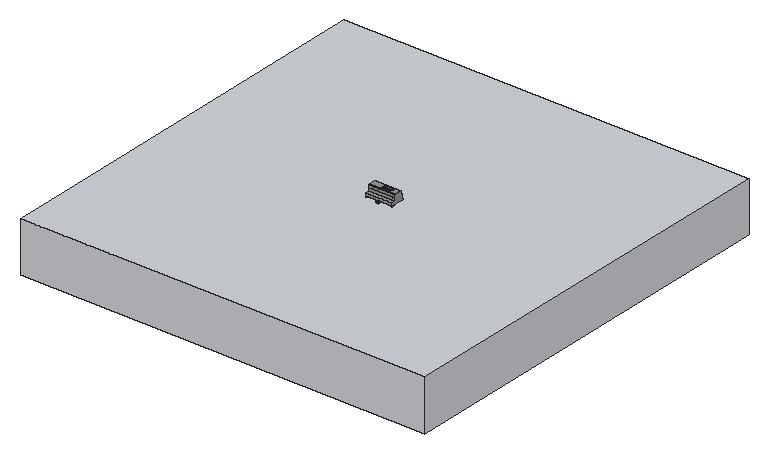
Revit family "Hekatron_Feststellanlagen_Gasmesscomputer 8022 230V_DE_22.01", category Brandmelder, Revit 2018
Family settings
  Basisbauteil = Fläche
  Beschriftungsausrichtung beibehalten = Ja
  Bemaßung runder Anschluss = Durchmesser verwenden
  Teiletyp = Normal
  OmniClass-Nummer = 23.85.30.21
  OmniClass-Titel = Environmental Detection/Registration
  Beim Laden mit Abzugskörper schneiden = Nein
  Gemeinsam genutzt = Nein
  Raumberechnungspunkt = Nein
Parameters (values of type "Gas measuring computer 8022 230V")
  Zulässige Umgebungstemperatur = " 0 °C bis +55 °C"
  Zulässige Luftgeschwindigkeit = ""
  Zulassungen nach EN 54 = ""
  Width [instance] = 102.5 mm
  Version des BIM Objektes = "22.01"
  VdS-Anerkennung = ""
  URL = "https://www.hekatron-brandschutz.de"
  UB A&S Artikel Nummer = "6900333"
  Typenkommentare = "Gasmesscomputer"
  Tiefe (mm) = "300.0"
  Stromaufnahme = "110mA"
  Schutzart = "IP 54"
  Rauchteil einstellbar = ""
  Nettogewicht (g) = ""
  Montageart = "Aufputz"
  Modell = "Gasmesscomputer 8022 230V"
  Material = "Kunststoff"
  Link zum Datenblatt = ""
  Link zu ausschreiben.de = "http://www.ausschreiben.de/katalog/Hekatron/position/119"
  Link zu Produktinformation = "https://www.hekatron-planungstools.de/Produktinfo/Gasmesscomputer_8022_230V.PDF"
  Link zu Ausschreibungstext = "https://www.meinhplus.de/login"
  Leistungserklärung (DoP) = ""
  Lautstärke DIN-Ton (dB) = ""
  Kabeleinführung = "unten"
  Höhe (mm) = "450.0"
  Hersteller = "Hekatron"
  Heigth [instance] = 158 mm
  Funktionsprinzip = ""
  Farbe = "grau"
  Ex-Zonen = ""
  Einstellung Temperaturklasse nach EN 54-5 = ""
  Einstellung Temperaturindex nach EN 54-5 = ""
  Einstellung Rauchempfindlichkeit nach EN 54-20 = ""
  Einstellen Rauchempfindlichkeit nach EN 54-7 = ""
  EG-Konformitätszertifikat / Zertifikat der Leistungsbeständigkeit = ""
  Durchmesser (mm) = ""
  Depth [instance] = 57.66 mm
  Vorgabe-Ansicht = 1200 mm
  Breite (mm) = "142.0"
  Betriebsspannung = "230 V AC"
  Beschreibung = "Gasmesscomputer, eingebaut in einem Gehäuse mit integriertem Netzteil und vorverdrahteten Anschlussklemmen. Es können bis zu zwei Messfühler für explosionsfähige Dämpfe und Gase angeschlossen werden."
  Bauartgenehmigungen = ""
  Anzahl Ansaugleitungen = ""
  Ansprechtemperatur = ""
  Alarm- & Empfindlichkeitsbereich = ""
Reference planes
  plane 1 "Center (Front/Back)": y = 0
  plane 2: z = 0
  plane 3 "Center (Left/Right)": x = 0
Forms (mm)
  Extrusion 1, solid
    sketch origin (0, 0, 0) x (1, 0, 0) y (0, 1, 0)
      loop
        line (-1219.2, 1219.2) -> (-1219.2, -1219.2) -> (1219.2, -1219.2) -> (1219.2, 1219.2) -> (-1219.2, 1219.2)
    from 0 to -304.8
  Extrusion 2, solid, material "Plastic, Opaque Gray"
    sketch origin (0, 0, 0) x (0, 1, 0) y (0, 0, 1)
      loop
        line (28.5, 40.01) -> (28.5, 55.01) -> (-16.5, 55.01) -> (-16.5, 40.01) -> (-17.9, 38.61) -> (-17.9, 23.11) -> (-39.3, 23.11) -> (-39.3, 5.2) -> (29.9, 5.2) -> (29.9, 38.61) -> (28.5, 40.01)
    from -79 to 79
  Extrusion 3, solid, material "Plastic, Opaque Gray"
    sketch origin (0, 0, 0) x (0, 1, 0) y (0, 0, 1)
      loop
        line (-17.3, 5.2) -> (-17.3, 1.2) -> (-8.8, 1.2) -> (-8.8, 2.7) -> (-12.3, 2.7) -> (-12.3, 5.2) -> (-17.3, 5.2)
    from -75.7 to -61.4
  Extrusion 4, solid, material "Plastic, Opaque Gray"
    sketch origin (0, 0, 0) x (0, 1, 0) y (0, 0, 1)
      loop
        line (-17.3, 5.2) -> (-17.3, 1.2) -> (-8.8, 1.2) -> (-8.8, 2.7) -> (-12.3, 2.7) -> (-12.3, 5.2) -> (-17.3, 5.2)
    from 61.4 to 75.7
  Extrusion 5, solid, material "Plastic, Opaque Gray"
    sketch origin (0, 0, 0) x (1, 0, 0) y (0, 0, 1)
      loop
        line (-79, 7.31) -> (-79, 5.2) -> (-57.5, 5.2) -> (-57.5, 0) -> (-42.5, 0) -> (-42.5, 5.2) -> (-9.5, 5.2) -> (-9.5, 0) -> (9.5, 0) -> (9.5, 5.2) -> (42.5, 5.2) -> (42.5, 0) -> (57.5, 0) -> (57.5, 5.2) -> (79, 5.2) -> (79, 7.31) -> (-79, 7.31)
    from -39.3 to -29.9
  Extrusion 6, solid, material "Plastic, Opaque Gray"
    sketch origin (0, 0, 0) x (1, 0, 0) y (0, 1, 0)
      loop
        line (9.5, 39.3) -> (9.5, 50.8) -> (-9.5, 50.8) -> (-9.5, 39.3) -> (9.5, 39.3)
      loop
        circle (0, 44.796) r 2.5
    from 0 to 5.2
  Extrusion 7, solid, material "Plastic, Opaque Gray"
    sketch origin (0, 0, 0) x (1, 0, 0) y (0, 1, 0)
      loop
        line (-69, -36.3) -> (-79, -36.3) -> (-79, -39.3) -> (-69, -39.3) -> (-69, -36.3)
      loop
        line (69, -36.3) -> (69, -39.3) -> (79, -39.3) -> (79, -36.3) -> (69, -36.3)
    from 0 to 5.2
  Extrusion 8, solid, material "Plastic, Opaque Gray"
    sketch origin (0, 0, 0) x (1, 0, 0) y (0, 1, 0)
      loop
        line (-8, -39.3) -> (-8, -51.7) -> (-2.5, -51.7) -> (-2.5, -48.2)
        arc (-2.5, -48.2) -> (0, -45.7) -> (2.5, -48.2) r 2.5
        line (2.5, -48.2) -> (2.5, -51.7) -> (8, -51.7) -> (8, -39.3) -> (-8, -39.3)
    from 0 to 5.2
  Extrusion 9, solid, material "Plastic, Opaque Gray"
    sketch origin (0, 0, 0) x (1, 0, 0) y (0, 1, 0)
      loop
        line (-76, 27.7) -> (-78, 25.7) -> (-78, -13.7) -> (-76, -15.7) -> (76, -15.7) -> (78, -13.7) -> (78, 25.7) -> (76, 27.7) -> (-76, 27.7)
    from 55.01 to 57.01
  Extrusion 10, solid, material "Plastic, Opaque Black Gray"
    sketch origin (0, 0, 0) x (1, 0, 0) y (0, 1, 0)
      loop
        line (-77, 25.2) -> (-77, -13.2) -> (-75.5, -14.7) -> (75.5, -14.7) -> (77, -13.2) -> (77, 25.2) -> (75.5, 26.7) -> (-75.5, 26.7) -> (-77, 25.2)
    from 57.01 to 57.36
  Extrusion 11, void
    sketch origin (0, 0, 0) x (1, 0, 0) y (0, 1, 0)
      loop
        arc (-2.5, -48.2) -> (0, -45.7) -> (2.5, -48.2) r 2.5
        line (2.5, -48.2) -> (2.5, -51.7) -> (4.4, -51.7) -> (4.4, -47.6)
        arc (4.4, -47.6) -> (0, -43.2) -> (-4.4, -47.6) r 4.4
        line (-4.4, -47.6) -> (-4.4, -51.7) -> (-2.5, -51.7) -> (-2.5, -48.2)
    from 2.2 to 5.2
  Extrusion 12, void
    sketch origin (0, 0, 0) x (1, 0, 0) y (0, 1, 0)
      loop
        circle (0, 44.796) r 3.5
    from 2.2 to 5.2
  Extrusion 13, solid, material "Plastic, Opaque Gray"
    sketch origin (0, 0, 0) x (1, 0, 0) y (0, 1, 0)
      loop
        arc (4.9, 0.099) -> (4.46, 1.16) -> (3.399, 1.6) r 1.501
        line (3.399, 1.6) -> (-4.599, 1.6)
        arc (-4.599, 1.6) -> (-5.66, 1.16) -> (-6.1, 0.099) r 1.501
        line (-6.1, 0.099) -> (-6.1, -7.899)
        arc (-6.1, -7.899) -> (-5.66, -8.96) -> (-4.599, -9.4) r 1.501
        line (-4.599, -9.4) -> (3.399, -9.4)
        arc (3.399, -9.4) -> (4.46, -8.96) -> (4.9, -7.899) r 1.501
        line (4.9, -7.899) -> (4.9, 0.099)
      loop
        arc (6.3, -7.899) -> (6.74, -8.96) -> (7.801, -9.4) r 1.501
        line (7.801, -9.4) -> (15.799, -9.4)
        arc (15.799, -9.4) -> (16.86, -8.96) -> (17.3, -7.899) r 1.501
        line (17.3, -7.899) -> (17.3, 0.099)
        arc (17.3, 0.099) -> (16.86, 1.16) -> (15.799, 1.6) r 1.501
        line (15.799, 1.6) -> (7.8, 1.6)
        arc (7.8, 1.6) -> (6.739, 1.161) -> (6.3, 0.1) r 1.5
        line (6.3, 0.1) -> (6.3, -7.899)
      loop
        arc (18.7, -7.9) -> (19.139, -8.961) -> (20.2, -9.4) r 1.5
        line (20.2, -9.4) -> (28.2, -9.4)
        arc (28.2, -9.4) -> (29.261, -8.961) -> (29.7, -7.9) r 1.5
        line (29.7, -7.9) -> (29.7, 0.099)
        arc (29.7, 0.099) -> (29.26, 1.16) -> (28.199, 1.6) r 1.501
        line (28.199, 1.6) -> (20.2, 1.6)
        arc (20.2, 1.6) -> (19.139, 1.161) -> (18.7, 0.1) r 1.5
        line (18.7, 0.1) -> (18.7, -7.9)
      loop
        line (-10, 6.3) -> (42, 6.3)
        arc (42, 6.3) -> (43.909, 7.091) -> (44.7, 9) r 2.7
        line (44.7, 9) -> (44.7, 19)
        arc (44.7, 19) -> (43.909, 20.909) -> (42, 21.7) r 2.7
        line (42, 21.7) -> (-10, 21.7)
        arc (-10, 21.7) -> (-11.909, 20.909) -> (-12.7, 19) r 2.7
        line (-12.7, 19) -> (-12.7, 9)
        arc (-12.7, 9) -> (-11.909, 7.091) -> (-10, 6.3) r 2.7
    from 57.36 to 57.66
Cuts and joins
  Extrusion 11 cuts Extrusion 8
  Extrusion 12 cuts Extrusion 6
  joined: Extrusion 2, Extrusion 5
Dimensions and locks
  "Heigth": cut or joined group of Extrusion 2, Extrusion 5 to cut or joined group of Extrusion 2, Extrusion 5
  "Depth": Extrusion 13 to Extrusion 1
  "Width": cut or joined group of Extrusion 8, Extrusion 11 to cut or joined group of Extrusion 6, Extrusion 12
  aligned and locked: plane 2 to Extrusion 1
  aligned and locked: level to Extrusion 1
Automatic sketch dimensions
  Extrusion 1 sketch curve to Extrusion 1 sketch curve = 2438.4 mm  (x2)
  level to Extrusion 2 sketch curve = 5.2 mm
  plane 1 "Center (Front/Back)" to Extrusion 2 sketch curve = 39.3 mm
  plane 1 "Center (Front/Back)" to Extrusion 2 sketch curve = 17.9 mm
  Extrusion 2 sketch curve to Extrusion 2 sketch curve = 1.4 mm  (x4)
  Extrusion 2 sketch curve to plane 1 "Center (Front/Back)" = 28.5 mm
  Extrusion 2 sketch curve to Extrusion 2 sketch curve = 17.91 mm
  Extrusion 2 sketch curve to Extrusion 2 sketch curve = 33.41 mm
  Extrusion 2 sketch curve to Extrusion 2 sketch curve = 15.5 mm
  Extrusion 2 sketch curve to Extrusion 2 sketch curve = 15 mm
  level to Extrusion 3 sketch curve = 1.2 mm
  plane 1 "Center (Front/Back)" to Extrusion 3 sketch curve = 17.3 mm
  Extrusion 3 sketch curve to Extrusion 3 sketch curve = 5 mm
  Extrusion 3 sketch curve to Extrusion 3 sketch curve = 3.5 mm
  level to Extrusion 3 sketch curve = 2.7 mm
  Extrusion 3 sketch curve to Extrusion 3 sketch curve = 2.5 mm
  level to Extrusion 4 sketch curve = 1.2 mm
  plane 1 "Center (Front/Back)" to Extrusion 4 sketch curve = 17.3 mm
  Extrusion 4 sketch curve to Extrusion 4 sketch curve = 5 mm
  Extrusion 4 sketch curve to Extrusion 4 sketch curve = 3.5 mm
  level to Extrusion 4 sketch curve = 2.7 mm
  Extrusion 4 sketch curve to Extrusion 4 sketch curve = 2.5 mm
  Extrusion 5 sketch curve to level = 0 mm  (x3)
  level to Extrusion 5 sketch curve = 5.2 mm  (x4)
  Extrusion 5 sketch curve to plane 3 "Center (Left/Right)" = 79 mm
  Extrusion 5 sketch curve to Extrusion 5 sketch curve = 21.5 mm  (x2)
  Extrusion 5 sketch curve to Extrusion 5 sketch curve = 15 mm  (x2)
  Extrusion 5 sketch curve to plane 3 "Center (Left/Right)" = 9.5 mm
  plane 3 "Center (Left/Right)" to Extrusion 5 sketch curve = 9.5 mm
  Extrusion 5 sketch curve to Extrusion 5 sketch curve = 33 mm
  level to Extrusion 5 sketch curve = 7.31 mm
  Extrusion 6 sketch curve to plane 3 "Center (Left/Right)" = 0 mm
  Extrusion 6 sketch curve to plane 3 "Center (Left/Right)" = 9.5 mm
  plane 3 "Center (Left/Right)" to Extrusion 6 sketch curve = 9.5 mm
  Extrusion 6 sketch curve to plane 1 "Center (Front/Back)" = 39.3 mm
  Extrusion 6 sketch curve to Extrusion 6 sketch curve = 5.496 mm
  Extrusion 6 sketch curve to Extrusion 6 sketch curve = 6.004 mm
  plane 1 "Center (Front/Back)" to Extrusion 7 sketch curve = 36.3 mm
  Extrusion 7 sketch curve to plane 3 "Center (Left/Right)" = 79 mm
  Extrusion 7 sketch curve to Extrusion 7 sketch curve = 10 mm  (x2)
  plane 3 "Center (Left/Right)" to Extrusion 7 sketch curve = 69 mm
  Extrusion 7 sketch curve to Extrusion 7 sketch curve = 3 mm  (x2)
  plane 1 "Center (Front/Back)" to Extrusion 7 sketch curve = 39.3 mm
  Extrusion 8 sketch curve to plane 3 "Center (Left/Right)" = 0 mm
  Extrusion 8 sketch curve to plane 3 "Center (Left/Right)" = 2.5 mm
  Extrusion 8 sketch curve to plane 3 "Center (Left/Right)" = 8 mm
  Extrusion 8 sketch curve to Extrusion 8 sketch curve = 5.5 mm
  plane 1 "Center (Front/Back)" to Extrusion 8 sketch curve = 51.7 mm
  Extrusion 8 sketch curve to Extrusion 8 sketch curve = 0 mm
  Extrusion 8 sketch curve to Extrusion 8 sketch curve = 3.5 mm
  Extrusion 8 sketch curve to Extrusion 8 sketch curve = 8.9 mm
  Extrusion 9 sketch curve to plane 1 "Center (Front/Back)" = 25.7 mm  (x2)
  Extrusion 9 sketch curve to plane 3 "Center (Left/Right)" = 78 mm
  Extrusion 9 sketch curve to plane 1 "Center (Front/Back)" = 27.7 mm
  Extrusion 9 sketch curve to Extrusion 9 sketch curve = 2 mm  (x5)
  plane 3 "Center (Left/Right)" to Extrusion 9 sketch curve = 76 mm
  plane 1 "Center (Front/Back)" to Extrusion 9 sketch curve = 15.7 mm
  Extrusion 9 sketch curve to Extrusion 9 sketch curve = 0 mm
  Extrusion 10 sketch curve to plane 1 "Center (Front/Back)" = 25.2 mm  (x2)
  Extrusion 10 sketch curve to plane 3 "Center (Left/Right)" = 77 mm
  Extrusion 10 sketch curve to Extrusion 10 sketch curve = 1.5 mm  (x6)
  plane 1 "Center (Front/Back)" to Extrusion 10 sketch curve = 14.7 mm
  plane 3 "Center (Left/Right)" to Extrusion 10 sketch curve = 75.5 mm
  Extrusion 10 sketch curve to Extrusion 10 sketch curve = 0 mm
  Extrusion 11 sketch curve to plane 3 "Center (Left/Right)" = 0 mm  (x2)
  Extrusion 11 sketch curve to plane 3 "Center (Left/Right)" = 2.5 mm
  Extrusion 11 sketch curve to Extrusion 11 sketch curve = 1.9 mm
  plane 1 "Center (Front/Back)" to Extrusion 11 sketch curve = 51.7 mm
  Extrusion 11 sketch curve to Extrusion 11 sketch curve = 0 mm
  Extrusion 11 sketch curve to Extrusion 11 sketch curve = 3.5 mm
  Extrusion 11 sketch curve to Extrusion 11 sketch curve = 0.6 mm
  Extrusion 12 sketch curve to plane 3 "Center (Left/Right)" = 0 mm
  Extrusion 12 sketch curve to plane 1 "Center (Front/Back)" = 44.796 mm
  Extrusion 13 sketch curve to plane 3 "Center (Left/Right)" = 12.7 mm
  Extrusion 13 sketch curve to Extrusion 13 sketch curve = 2.7 mm  (x3)
  Extrusion 13 sketch curve to plane 3 "Center (Left/Right)" = 6.1 mm
  Extrusion 13 sketch curve to plane 1 "Center (Front/Back)" = 0.099 mm  (x2)
  Extrusion 13 sketch curve to Extrusion 13 sketch curve = 1.501 mm  (x5)
  plane 3 "Center (Left/Right)" to Extrusion 13 sketch curve = 3.399 mm  (x2)
  Extrusion 13 sketch curve to plane 1 "Center (Front/Back)" = 0.1 mm
  Extrusion 13 sketch curve to Extrusion 13 sketch curve = 1.4 mm  (x2)
  Extrusion 13 sketch curve to Extrusion 13 sketch curve = 1.5 mm  (x4)
  Extrusion 13 sketch curve to Extrusion 13 sketch curve = 7.999 mm  (x2)
  Extrusion 13 sketch curve to plane 1 "Center (Front/Back)" = 1.6 mm
  Extrusion 13 sketch curve to Extrusion 13 sketch curve = 8 mm
  Extrusion 13 sketch curve to plane 1 "Center (Front/Back)" = 6.3 mm
  Extrusion 13 sketch curve to Extrusion 13 sketch curve = 12.3 mm
  Extrusion 13 sketch curve to Extrusion 13 sketch curve = 0 mm  (x3)
  plane 1 "Center (Front/Back)" to Extrusion 13 sketch curve = 7.899 mm
  Extrusion 13 sketch curve to Extrusion 13 sketch curve = 0.001 mm
  Extrusion 13 sketch curve to Extrusion 13 sketch curve = 10 mm
  radius of Extrusion 6 sketch curve = 2.5 mm
  radius of Extrusion 12 sketch curve = 3.5 mm
Connectors
  electrical at (0, 0, 0)
    settings: on Extrusion 1, index 1, voltage 0 V, apparent load 0 VA, apparent load phase1 0 VA, apparent load phase2 0 VA, apparent load phase3 0 VA, power factor 1, load classification "Other", number of poles 1, system type 11, power factor state 1, is connector primary yes, connector utility no, sub classification motor no, connector description ""
